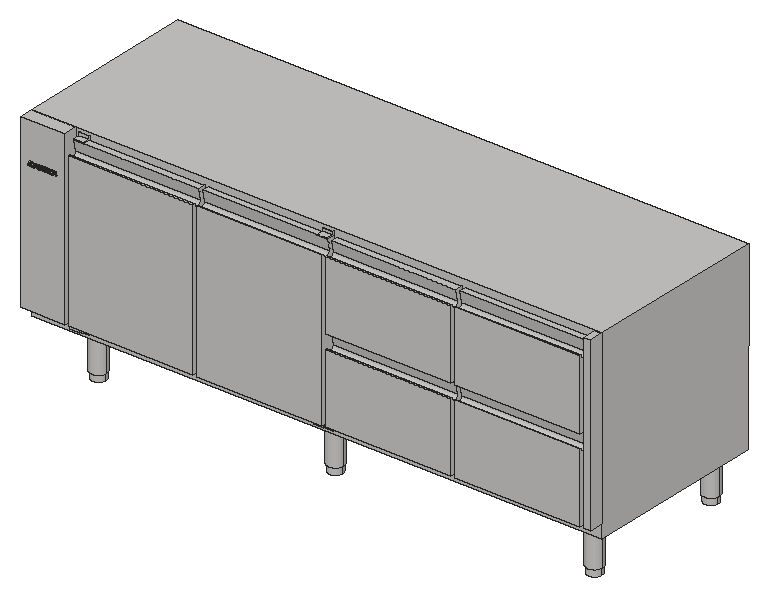
Revit family "QF_ALPENINOX_713294_AC6R4RL", category Attrezzature speciali, Revit 2018
Family settings
  Quota connettore circolare = Usa diametro
  Tipo di parte = Normale
  Basato su piano di lavoro = No
  Sempre verticale = Sì
  Taglio con vuoti quando caricato = No
  Condiviso = No
  Punto di calcolo locali = No
Parameters (values of type "Standard")
  Weight = 120.00 kg
  Watts = 30 W
  Volts = 220 V
  URL Manufacturer = "http://www.alpeninox.com"
  URL = "http://www.alpeninox.com"
  Steam Supply Size = 0 mm
  Steam Supply Minimum Pressure = 0.0 Pa
  Steam Supply Maximum Pressure = 0.0 Pa
  Steam Consumption per Hour = 0
  Refrigeration Suction Line Size = 9.5 mm
  Refrigeration Liquid Line Size = 8 mm
  Refrigerant Compressor Remote = yes
  Produttore = "Alpeninox"
  Phase = 1
  Modello = "AC6R4RL"
  Length Actual = 2012 mm  # constant formula
  Item Number = "713294"
  Hot Water Size = 0 mm
  Height Actual = 800 mm  # constant formula
  HP = "0 HP"
  Gas Size = 0 mm
  Gas KW = 0
  Gas Input Pressure = 0 W
  Direct Waste Size = 0 mm
  Descrizione = "REFR.COUNTER 590L 2xDOOR 4x1/2DRW NOTOP REM CU_LFT A304"
  Depth Actual = 700 mm  # constant formula
  Cycle = 50 Hz
  Condensate Return Size = 0 mm
  Compressed Air Volume = 0.0 L/s
  Compressed Air Size = 0 mm
  Compressed Air Pressure = 0.0 Pa
  Cold Water Size = 0 mm
  Accessory = yes
Types (2, lengths in mm): name | URL | Refrigeration Suction Line Size | Refrigeration Liquid Line Size | Produttore | Phase | Modello | Descrizione
  (no name) | 0 | 0 | 0 | 0 | 0 | 0 | 0
  Standard | "http://www.alpeninox.com" | 9.5 | 8 | "Alpeninox" | 1 | "AC6R4RL" | "REFR.COUNTER 590L 2xDOOR 4x1/2DRW NOTOP REM CU_LFT A304"
Values of the unnamed type that differ from the named types
  Weight = 0.00 kg
  Watts = 0 W
  Volts = 0 V
  URL Manufacturer = ""
  Item Number = ""
  HP = ""
  Cycle = 0 Hz
Reference planes
  plane 1: z = 0
  plane 2 "Center (Left/Right)": x = -124.5
  plane 3 "Center (Front/Back)": y = 64.5
  plane 4 "FEET": z = 150
  plane 5 "TOP": z = 850
  plane 6 "PLAIN": z = 800
  plane 7 "EI_back": y = 349
  plane 8 "EI_left": x = -1064
  plane 9 "BACK": y = 412
  plane 10 "FRONT": y = -283
  plane 11 "DOOR": y = -233
  plane 12 "LEFT": x = -1130
  plane 13 "RIGHT": x = 881
  plane 14: x = -1105
  plane 15: x = 856
  plane 16 "RO_left": x = -1051
  plane 17 "RI_left": x = -1022
  plane 18 "RO_back": y = 54
  plane 19 "RI_back": y = 54
  plane 20 "DRAINleft": x = -1064
  plane 21 "DRAINback": y = 164
Forms (mm)
  Extrusion 1, solid, material "QF_Finishes_Stainless Steel"
    sketch origin (-1022.223, -1524, 150) x (-1, 0, 0) y (0, -1, 0)
      loop
        circle (41.777, -1873) r 5
    from 0 to -40
  Extrusion 2, solid, material "QF_Finishes_Stainless Steel"
    sketch origin (-1022.223, -1524, 150) x (-1, 0, 0) y (0, -1, 0)
      loop
        line (-1878.223, -1291) -> (-1878.223, -1241) -> (-1903.223, -1241) -> (-1903.223, -1291) -> (-1878.223, -1291)
    from 48 to 650
  Extrusion 3, solid, material "QF_Finishes_Stainless Steel"
    sketch origin (-1022.223, -1524, 150) x (-1, 0, 0) y (0, -1, 0)
      loop
        circle (28.777, -1578) r 4.25
    from 0 to -20
  Extrusion 4, solid, material "QF_Finishes_Stainless Steel"
    sketch origin (-1022.223, -1524, 150) x (-1, 0, 0) y (0, -1, 0)
      loop
        circle (-0.223, -1578) r 4
    from 0 to -20
  Extrusion 5, solid, material "QF_Finishes_Stainless Steel"
    sketch origin (-1022.223, -1524, 150) x (-1, 0, 0) y (0, -1, 0)
      loop
        circle (41.777, -1688) r 8.5
    from 0 to -40
  Extrusion 6, solid, material "QF_Finishes_Stainless Steel"
    sketch origin (-1022.223, -1524, 150) x (-1, 0, 0) y (0, -1, 0)
      loop
        line (107.777, -1936) -> (107.777, -1291) -> (-1903.223, -1291) -> (-1903.223, -1936) -> (107.777, -1936)
    from 0 to 650
Lines and regions (mm)
  symbolic lines, style "SpecialityEquipmentHiddenLines"
    curve 1: line (-1130, 412, 150) -> (881, 412, 150)
    curve 2: line (-1130, -283, 150) -> (-1130, 412, 150)
    curve 3: line (881, -283, 150) -> (-1130, -283, 150)
    curve 4: line (881, 412, 150) -> (881, -283, 150)
    curve 5: line (-1130, -233, 150) -> (881, -233, 150)
    curve 6: line (856, -233, 150) -> (856, -283, 150)
Dimensions and locks
  plane 4 "FEET" to level = 150 mm
  plane 11 "DOOR" to plane 10 "FRONT" = 50 mm
  plane 6 "PLAIN" to plane 4 "FEET" = 650 mm
  plane 5 "TOP" to plane 6 "PLAIN" = 50 mm
  plane 12 "LEFT" to plane 14 = 25 mm
  plane 15 to plane 13 "RIGHT" = 25 mm
  plane 9 "BACK" to plane 18 "RO_back" = 358 mm
  plane 9 "BACK" to plane 7 "EI_back" = 63 mm
  plane 9 "BACK" to plane 19 "RI_back" = 358 mm
  plane 9 "BACK" to plane 21 "DRAINback" = 248 mm
  plane 12 "LEFT" to plane 20 "DRAINleft" = 66 mm
  plane 12 "LEFT" to plane 8 "EI_left" = 66 mm
  plane 12 "LEFT" to plane 17 "RI_left" = 108 mm
  plane 12 "LEFT" to plane 16 "RO_left" = 79 mm
  plane 9 "BACK" to plane 10 "FRONT" = 695 mm
  equal spacing: plane 9 "BACK", plane 3 "Center (Front/Back)", plane 10 "FRONT"
  plane 12 "LEFT" to plane 13 "RIGHT" = 2011 mm
  equal spacing: plane 12 "LEFT", plane 2 "Center (Left/Right)", plane 13 "RIGHT"
  aligned and locked: level to plane 1
Automatic sketch dimensions
  Extrusion 1 sketch curve to plane 7 "EI_back" = 0 mm
  Extrusion 1 sketch curve to plane 8 "EI_left" = 0 mm
  Extrusion 2 sketch curve to plane 11 "DOOR" = 0 mm
  Extrusion 2 sketch curve to plane 13 "RIGHT" = 0 mm
  Extrusion 2 sketch curve to plane 10 "FRONT" = 0 mm
  Extrusion 2 sketch curve to plane 15 = 0 mm
  Extrusion 3 sketch curve to plane 16 "RO_left" = 0 mm
  Extrusion 3 sketch curve to plane 18 "RO_back" = 0 mm
  Extrusion 4 sketch curve to plane 17 "RI_left" = 0 mm
  Extrusion 4 sketch curve to plane 19 "RI_back" = 0 mm
  Extrusion 5 sketch curve to plane 20 "DRAINleft" = 0 mm
  Extrusion 5 sketch curve to plane 21 "DRAINback" = 0 mm
  Extrusion 6 sketch curve to plane 9 "BACK" = 0 mm
  Extrusion 6 sketch curve to plane 13 "RIGHT" = 0 mm
  Extrusion 6 sketch curve to plane 11 "DOOR" = 0 mm
  Extrusion 6 sketch curve to plane 12 "LEFT" = 0 mm
  curve 1 to plane 13 "RIGHT" = 0 mm
  curve 6 to plane 15 = 0 mm
  curve 5 to plane 11 "DOOR" = 0 mm
  curve 5 to plane 12 "LEFT" = 0 mm
  curve 6 to plane 10 "FRONT" = 0 mm
  curve 1 to plane 9 "BACK" = 0 mm
  radius of Extrusion 1 sketch curve = 5 mm
  radius of Extrusion 3 sketch curve = 4.25 mm
  radius of Extrusion 4 sketch curve = 4 mm
  radius of Extrusion 5 sketch curve = 8.5 mm
Nested families
  nested 1: "HP_Refrigerator" at (881, -283, 0), type "HP_Refrigerator"
  nested 2: "HP_FEET" at (-934, 331, 0), type "HP_FEET"
  nested 3: "HP_FEET" at (815, 331, 0), type "HP_FEET"
  nested 4: "HP_FEET" at (-934, -183, 0), type "HP_FEET"
  nested 5: "HP_FEET" at (815, -183, 0), type "HP_FEET"
  nested 6: "HP_FEET" at (-99, -183, 0), type "HP_FEET"
  nested 7: "HP_APX_REM_TN_L" at (-973.08, -233, 548) x (1, 0, 0) z (0, -1, 0), type "HP_APX_REM_TN_L"
    with Show Logo yes
  nested 8: "HP_APX_SD_L" at (-740, -233, 458.88) x (1, 0, 0) z (0, -1, 0), type "HP_APX_SD_L"
    with Show Clearance yes
  nested 9: "HP_APX_SD_R" at (-286, -233, 458.88) x (1, 0, 0) z (0, -1, 0), type "HP_APX_SD_R"
    with Show Clearance yes
  nested 10: "HP_APX_HALF" at (168, -233, 458.08) x (1, 0, 0) z (0, -1, 0), type "HP_APX_HALF"
    with Show Clearance yes
  nested 11: "HP_APX_HALF" at (622, -233, 458.08) x (1, 0, 0) z (0, -1, 0), type "HP_APX_HALF"
    with Show Clearance yes
Connectors
  electrical at (-1064, 349, 110), driven by "Volts"
    settings: on Extrusion 1, index 1, voltage 220 V, apparent load 0 VA, apparent load phase1 0 VA, apparent load phase2 0 VA, apparent load phase3 0 VA, power factor 1, load classification "Other", number of poles 1, system type 31, power factor state 1, is connector primary yes, connector utility no, sub classification motor no, connector description "Electrical Connection"
  piping at (-1051, 54, 130), diameter 9.5, driven by "Refrigeration Suction Line Size"
    settings: on Extrusion 3, index 3, connector inside diameter 609.6 mm, connector length 0 mm, flow factor 0, pipe flow 0.0 L/s, pressure drop 0.0 Pa, fitting loss kfactor 0, connector angle 0.00°, fixture units 0, engagement length 0 mm, angle of deflection 0.00°, flow configuration 1, flow direction 2, fitting loss method 0, system type 8, joint type 0, gender type 0, connector reference index -1, connector utility 0, adjustable connector no, is connector primary yes, connector description "Refrigerant Outlet"
  piping at (-1022, 54, 130), diameter 8, driven by "Refrigeration Liquid Line Size"
    settings: on Extrusion 4, index 4, connector inside diameter 609.6 mm, connector length 0 mm, flow factor 0, pipe flow 0.0 L/s, pressure drop 0.0 Pa, fitting loss kfactor 0, connector angle 0.00°, fixture units 0, engagement length 0 mm, angle of deflection 0.00°, flow configuration 1, flow direction 1, fitting loss method 0, system type 7, joint type 0, gender type 0, connector reference index -1, connector utility 0, adjustable connector no, is connector primary no, connector description "Refrigerant Inlet"
  piping at (-1064, 164, 110), diameter 17
    settings: on Extrusion 5, index 5, connector inside diameter 609.6 mm, connector length 0 mm, flow factor 0, pipe flow 0.0 L/s, pressure drop 0.0 Pa, fitting loss kfactor 0, connector angle 0.00°, fixture units 0, engagement length 0 mm, angle of deflection 0.00°, flow configuration 1, flow direction 2, fitting loss method 0, system type 16, joint type 0, gender type 0, connector reference index -1, connector utility 0, adjustable connector no, is connector primary no, connector description "Drain"
Definition of nested family "HP_FEET"
  Parameters
    FEET = 150 mm
  Reference planes
    plane 1 "Center (Front/Back)": y = 0
    plane 2: z = 0
    plane 3 "Center (Left/Right)": x = 0
    plane 4: z = 150
  Forms (mm)
    Revolve 1, solid
      sketch origin (255.05, 0, 608.09) x (0, 0, 1) y (-1, 0, 0)
        loop
          line (-608.09, 255.05) -> (-608.09, 230.05) -> (-583.09, 230.05) -> (-583.09, 226.05) -> (-458.09, 226.05) -> (-458.09, 255.05) -> (-608.09, 255.05)
        axis (-608.09, 255.05) -> (-458.09, 255.05)
      angle from 0 to 360
  Dimensions and locks
    locked: Revolve 1 sketch curve to Revolve 1 sketch curve at 125
    "FEET": plane 4 to plane 2
    aligned and locked: level to plane 2
    aligned and locked: plane 4 to Revolve 1 sketch curve
    aligned and locked: Revolve 1 sketch curve to level
    aligned and locked: plane 3 "Center (Left/Right)" to Revolve 1 sketch curve
  Automatic sketch dimensions
    Revolve 1 sketch curve to plane 3 "Center (Left/Right)" = 0 mm
    Revolve 1 sketch curve to Revolve 1 sketch curve = 25 mm
    Revolve 1 sketch curve to Revolve 1 sketch curve = 29 mm
    plane 4 to Revolve 1 sketch curve = 50 mm
    Revolve 1 sketch curve to Revolve 1 sketch curve = 20 mm
Definition of nested family "HP_APX_REM_TN_L"
  Parameters
    Show Logo [instance] = yes
    Default Elevation = 1219.2 mm
  Reference planes
    plane 1 "Centro (Fronte/Retro)": y = -49
    plane 2: z = 0
    plane 3 "Centro (Sinistra/Destra)": x = -78.92
  Forms (mm)
    Extrusion 1, solid
      sketch origin (0, 0, 0) x (1, 0, 0) y (0, 1, 0)
        loop
          line (-1219.2, 1219.2) -> (-1219.2, -1219.2) -> (1219.2, -1219.2) -> (1219.2, 1219.2) -> (-1219.2, 1219.2)
      from 0 to -304.8
    Extrusion 2, solid
      sketch origin (0, 0, 0) x (1, 0, 0) y (0, 1, 0)
        loop
          line (-156.92, 252) -> (-156.92, -350) -> (-0.92, -350) -> (-0.92, 252) -> (-156.92, 252)
      from 0 to 50
    Extrusion 3, solid
      sketch origin (43.141, -49.023, 0) x (1, 0, 0) y (0, 1, 0)
        loop
          line (-168.675, 170.349) -> (-172.411, 160.318)
          arc (-172.411, 160.318) -> (-171.624, 158.497) -> (-169.837, 159.36) r 1.374
          line (-169.837, 159.36) -> (-169.268, 161.111) -> (-164.1, 161.111) -> (-163.54, 159.379)
          arc (-163.54, 159.379) -> (-161.802, 158.542) -> (-161.049, 160.318) r 1.333
          line (-161.049, 160.318) -> (-164.694, 170.349)
          arc (-164.694, 170.349) -> (-166.685, 171.876) -> (-168.675, 170.349) r 2.06
        loop
          line (-166.681, 169.055) -> (-168.469, 163.655) -> (-164.935, 163.655) -> (-166.681, 169.055)
        loop
          arc (-159.705, 160.042) -> (-159.262, 158.973) -> (-158.194, 158.531) r 1.512
          line (-158.194, 158.531) -> (-153.608, 158.531)
          arc (-153.608, 158.531) -> (-152.337, 159.802) -> (-153.608, 161.074) r 1.272
          line (-153.608, 161.074) -> (-156.917, 161.074) -> (-156.917, 170.328)
          arc (-156.917, 170.328) -> (-158.311, 171.722) -> (-159.705, 170.328) r 1.394
          line (-159.705, 170.328) -> (-159.705, 160.042)
        loop
          line (-151.076, 170.218) -> (-151.076, 159.859)
          arc (-151.076, 159.859) -> (-149.683, 158.466) -> (-148.29, 159.859) r 1.393
          line (-148.29, 159.859) -> (-148.29, 162.882) -> (-146.225, 162.882)
          arc (-146.225, 162.882) -> (-142.999, 163.859) -> (-141.608, 166.928) r 4.082
          arc (-141.608, 166.928) -> (-142.993, 170.272) -> (-146.336, 171.657) r 4.728
          line (-146.336, 171.657) -> (-149.638, 171.657)
          arc (-149.638, 171.657) -> (-150.655, 171.235) -> (-151.076, 170.218) r 1.439
        loop
          line (-148.29, 165.313) -> (-146.388, 165.313)
          arc (-146.388, 165.313) -> (-144.433, 167.268) -> (-146.388, 169.222) r 1.955
          line (-146.388, 169.222) -> (-148.29, 169.222) -> (-148.29, 165.313)
        loop
          arc (-131.184, 166.332) -> (-132.004, 168.2) -> (-133.767, 169.228) r 3.3
          arc (-133.767, 169.228) -> (-136.353, 168.661) -> (-137.611, 166.332) r 3.176
          line (-137.611, 166.332) -> (-131.184, 166.332)
        loop
          line (-137.538, 163.743) -> (-130.544, 163.743)
          arc (-130.544, 163.743) -> (-129.292, 163.916) -> (-128.301, 164.701) r 2.4
          arc (-128.301, 164.701) -> (-128.155, 165.545) -> (-128.212, 166.399) r 3.635
          arc (-128.212, 166.399) -> (-130.364, 170.162) -> (-134.39, 171.769) r 6.579
          arc (-134.39, 171.769) -> (-138.918, 169.706) -> (-140.661, 165.044) r 6.501
          arc (-140.661, 165.044) -> (-139.276, 160.789) -> (-135.401, 158.549) r 6.252
          arc (-135.401, 158.549) -> (-132.922, 158.526) -> (-130.544, 159.232) r 8.361
          arc (-130.544, 159.232) -> (-129.466, 159.781) -> (-128.641, 160.666) r 3.486
          arc (-128.641, 160.666) -> (-128.419, 161.592) -> (-128.828, 162.451) r 1.425
          arc (-128.828, 162.451) -> (-129.368, 162.762) -> (-129.99, 162.762) r 1.203
          arc (-129.99, 162.762) -> (-130.406, 162.59) -> (-130.764, 162.316) r 1.724
          arc (-130.764, 162.316) -> (-131.666, 161.705) -> (-132.646, 161.229) r 7.6
          arc (-132.646, 161.229) -> (-135.676, 161.35) -> (-137.538, 163.743) r 3.6
        loop
          line (-126.669, 170.328) -> (-126.669, 159.859)
          arc (-126.669, 159.859) -> (-125.273, 158.463) -> (-123.878, 159.859) r 1.396
          line (-123.878, 159.859) -> (-123.878, 166.785) -> (-117.946, 159.029)
          arc (-117.946, 159.029) -> (-116.361, 158.51) -> (-115.379, 159.859) r 1.417
          line (-115.379, 159.859) -> (-115.379, 170.328)
          arc (-115.379, 170.328) -> (-116.774, 171.723) -> (-118.169, 170.328) r 1.395
          line (-118.169, 170.328) -> (-118.169, 163.311) -> (-124.101, 171.157)
          arc (-124.101, 171.157) -> (-125.687, 171.678) -> (-126.669, 170.328) r 1.418
        loop
          arc (-113.636, 159.859) -> (-112.241, 158.464) -> (-110.847, 159.859) r 1.394
          line (-110.847, 159.859) -> (-110.847, 170.328)
          arc (-110.847, 170.328) -> (-112.241, 171.723) -> (-113.636, 170.328) r 1.394
          line (-113.636, 170.328) -> (-113.636, 159.859)
        loop
          line (-109.102, 170.328) -> (-109.102, 159.859)
          arc (-109.102, 159.859) -> (-107.706, 158.463) -> (-106.31, 159.859) r 1.396
          line (-106.31, 159.859) -> (-106.31, 166.785) -> (-100.378, 159.029)
          arc (-100.378, 159.029) -> (-98.793, 158.51) -> (-97.812, 159.859) r 1.417
          line (-97.812, 159.859) -> (-97.812, 170.328)
          arc (-97.812, 170.328) -> (-99.207, 171.723) -> (-100.602, 170.328) r 1.395
          line (-100.602, 170.328) -> (-100.602, 163.311) -> (-106.533, 171.157)
          arc (-106.533, 171.157) -> (-108.119, 171.678) -> (-109.102, 170.328) r 1.418
        loop
          arc (-96.345, 165.093) -> (-95.619, 161.877) -> (-93.467, 159.379) r 6.806
          arc (-93.467, 159.379) -> (-91.792, 158.566) -> (-89.948, 158.31) r 5.956
          arc (-89.948, 158.31) -> (-88.104, 158.566) -> (-86.43, 159.379) r 5.956
          arc (-86.43, 159.379) -> (-84.277, 161.877) -> (-83.551, 165.093) r 6.806
          arc (-83.551, 165.093) -> (-84.277, 168.31) -> (-86.43, 170.808) r 6.806
          arc (-86.43, 170.808) -> (-88.104, 171.621) -> (-89.948, 171.877) r 5.956
          arc (-89.948, 171.877) -> (-91.792, 171.621) -> (-93.467, 170.808) r 5.956
          arc (-93.467, 170.808) -> (-95.619, 168.31) -> (-96.345, 165.093) r 6.806
        loop
          arc (-93.425, 165.093) -> (-93.138, 163.212) -> (-92.081, 161.629) r 4.387
          arc (-92.081, 161.629) -> (-91.087, 161.049) -> (-89.948, 160.881) r 3.035
          arc (-89.948, 160.881) -> (-88.809, 161.049) -> (-87.815, 161.629) r 3.035
          arc (-87.815, 161.629) -> (-86.759, 163.212) -> (-86.472, 165.093) r 4.387
          arc (-86.472, 165.093) -> (-86.759, 166.975) -> (-87.815, 168.558) r 4.387
          arc (-87.815, 168.558) -> (-88.809, 169.138) -> (-89.948, 169.306) r 3.035
          arc (-89.948, 169.306) -> (-91.087, 169.138) -> (-92.081, 168.558) r 3.035
          arc (-92.081, 168.558) -> (-93.138, 166.975) -> (-93.425, 165.093) r 4.387
        loop
          line (-82.843, 169.609) -> (-79.829, 165.552) -> (-83.513, 160.652)
          arc (-83.513, 160.652) -> (-83.216, 158.692) -> (-81.262, 159.029) r 1.388
          line (-81.262, 159.029) -> (-78.213, 163.232) -> (-75.164, 159.029)
          arc (-75.164, 159.029) -> (-73.211, 158.692) -> (-72.913, 160.652) r 1.388
          line (-72.913, 160.652) -> (-76.597, 165.552) -> (-73.584, 169.609)
          arc (-73.584, 169.609) -> (-73.952, 171.597) -> (-75.908, 171.084) r 1.38
          line (-75.908, 171.084) -> (-78.213, 167.841) -> (-80.519, 171.084)
          arc (-80.519, 171.084) -> (-82.474, 171.597) -> (-82.843, 169.609) r 1.38
      from 50 to 51.6
  Lines and regions (mm)
    Split face 1
      outline origin (0, 0, 50) x (1, 0, 0) y (0, 1, 0)
        loop
          line (-0.92, 188) -> (-156.92, 188)
    Split face 2
      outline origin (0, 0, 50) x (1, 0, 0) y (0, 1, 0)
        loop
          line (-156.92, 178) -> (-0.92, 178)
    Split face 3
      outline origin (0, 0, 50) x (1, 0, 0) y (0, 1, 0)
        loop
          line (-0.92, 104) -> (-156.92, 104)
    Split face 4
      outline origin (0, 0, 50) x (1, 0, 0) y (0, 1, 0)
        loop
          line (-0.92, 94) -> (-156.92, 94)
    Split face 5
      outline origin (0, 0, 50) x (1, 0, 0) y (0, 1, 0)
        loop
          line (-108.92, 163.931) -> (-108.92, 134.412) -> (-48.92, 134.412) -> (-48.92, 163.931) -> (-108.92, 163.931)
    Split face 6
      outline origin (0, 0, 50) x (1, 0, 0) y (0, 1, 0)
        loop
          line (-68.92, 160.931) -> (-68.92, 137.412) -> (-51.92, 137.412) -> (-51.92, 160.931) -> (-68.92, 160.931)
    symbolic lines
      curve 1: line (-2, -49, 50) -> (-2, -49, 0)
  Dimensions and locks
    equal spacing: Extrusion 2, plane 3 "Centro (Sinistra/Destra)", Extrusion 2
    equal spacing: Extrusion 2, plane 1 "Centro (Fronte/Retro)", Extrusion 2
    Extrusion 2 to Extrusion 2 = 156 mm
    aligned and locked: plane 2 to Extrusion 1
    aligned and locked: level to Extrusion 1
  Automatic sketch dimensions
    curve 1 to level = 0 mm
    plane 3 "Centro (Sinistra/Destra)" to curve 1 = 76.92 mm
    curve 1 to curve 1 = 50 mm
    Extrusion 1 sketch curve to Extrusion 1 sketch curve = 2438.4 mm  (x2)
    Extrusion 2 sketch curve to plane 3 "Centro (Sinistra/Destra)" = 78 mm
    plane 3 "Centro (Sinistra/Destra)" to Extrusion 2 sketch curve = 78 mm
    plane 1 "Centro (Fronte/Retro)" to Extrusion 2 sketch curve = 301 mm
    Extrusion 2 sketch curve to plane 1 "Centro (Fronte/Retro)" = 301 mm
    Extrusion 3 sketch curve to plane 3 "Centro (Sinistra/Destra)" = 50.35 mm
    Extrusion 3 sketch curve to Extrusion 3 sketch curve = 1.266 mm
    Extrusion 3 sketch curve to Extrusion 3 sketch curve = 1.307 mm
    Extrusion 3 sketch curve to Extrusion 3 sketch curve = 0.57 mm
    Extrusion 3 sketch curve to Extrusion 3 sketch curve = 0.593 mm
    Extrusion 3 sketch curve to Extrusion 3 sketch curve = 0.799 mm
    Extrusion 3 sketch curve to Extrusion 3 sketch curve = 1.99 mm  (x2)
    Extrusion 3 sketch curve to Extrusion 3 sketch curve = 0.003 mm
    Extrusion 3 sketch curve to Extrusion 3 sketch curve = 3.534 mm
    Extrusion 3 sketch curve to Extrusion 3 sketch curve = 0.835 mm
    Extrusion 3 sketch curve to Extrusion 3 sketch curve = 0.56 mm
    Extrusion 3 sketch curve to Extrusion 3 sketch curve = 1.268 mm
    Extrusion 3 sketch curve to Extrusion 3 sketch curve = 1.223 mm
    Extrusion 3 sketch curve to Extrusion 3 sketch curve = 1.344 mm
    Extrusion 3 sketch curve to Extrusion 3 sketch curve = 1.394 mm  (x2)
    Extrusion 3 sketch curve to Extrusion 3 sketch curve = 1.512 mm
    Extrusion 3 sketch curve to Extrusion 3 sketch curve = 3.309 mm
    Extrusion 3 sketch curve to Extrusion 3 sketch curve = 5.841 mm
    Extrusion 3 sketch curve to Extrusion 3 sketch curve = 1.393 mm
    Extrusion 3 sketch curve to Extrusion 3 sketch curve = 1.439 mm
    Extrusion 3 sketch curve to Extrusion 3 sketch curve = 0 mm  (x19)
    Extrusion 3 sketch curve to Extrusion 3 sketch curve = 1.902 mm
    Extrusion 3 sketch curve to Extrusion 3 sketch curve = 0.052 mm
    Extrusion 3 sketch curve to Extrusion 3 sketch curve = 2.065 mm
    Extrusion 3 sketch curve to Extrusion 3 sketch curve = 0.647 mm
    Extrusion 3 sketch curve to Extrusion 3 sketch curve = 8.079 mm
    Extrusion 3 sketch curve to Extrusion 3 sketch curve = 0.073 mm
    Extrusion 3 sketch curve to Extrusion 3 sketch curve = 2.145 mm
    Extrusion 3 sketch curve to Extrusion 3 sketch curve = 2.931 mm
    Extrusion 3 sketch curve to Extrusion 3 sketch curve = 0.213 mm
    Extrusion 3 sketch curve to Extrusion 3 sketch curve = 0.026 mm
    Extrusion 3 sketch curve to Extrusion 3 sketch curve = 0.263 mm
    Extrusion 3 sketch curve to Extrusion 3 sketch curve = 0.516 mm
    Extrusion 3 sketch curve to Extrusion 3 sketch curve = 0.356 mm
    Extrusion 3 sketch curve to Extrusion 3 sketch curve = 0.387 mm
    Extrusion 3 sketch curve to Extrusion 3 sketch curve = 2.378 mm
    Extrusion 3 sketch curve to Extrusion 3 sketch curve = 2.466 mm
    Extrusion 3 sketch curve to Extrusion 3 sketch curve = 0.602 mm
    Extrusion 3 sketch curve to Extrusion 3 sketch curve = 1.02 mm
    Extrusion 3 sketch curve to Extrusion 3 sketch curve = 0.949 mm
    Extrusion 3 sketch curve to Extrusion 3 sketch curve = 1.728 mm
    Extrusion 3 sketch curve to Extrusion 3 sketch curve = 0.157 mm  (x2)
    Extrusion 3 sketch curve to Extrusion 3 sketch curve = 0.292 mm
    Extrusion 3 sketch curve to plane 3 "Centro (Sinistra/Destra)" = 4.608 mm
    Extrusion 3 sketch curve to Extrusion 3 sketch curve = 1.396 mm  (x2)
    Extrusion 3 sketch curve to Extrusion 3 sketch curve = 1.418 mm  (x2)
    Extrusion 3 sketch curve to Extrusion 3 sketch curve = 1.151 mm  (x2)
    plane 3 "Centro (Sinistra/Destra)" to Extrusion 3 sketch curve = 3.891 mm
    plane 3 "Centro (Sinistra/Destra)" to Extrusion 3 sketch curve = 4.115 mm
    Extrusion 3 sketch curve to Extrusion 3 sketch curve = 1.149 mm  (x2)
    Extrusion 3 sketch curve to Extrusion 3 sketch curve = 1.395 mm  (x2)
    Extrusion 3 sketch curve to Extrusion 3 sketch curve = 1.744 mm
    Extrusion 3 sketch curve to Extrusion 3 sketch curve = 1.745 mm
    Extrusion 3 sketch curve to Extrusion 3 sketch curve = 5.709 mm
    Extrusion 3 sketch curve to Extrusion 3 sketch curve = 0.224 mm
    Extrusion 3 sketch curve to Extrusion 3 sketch curve = 6.963 mm
    Extrusion 3 sketch curve to Extrusion 3 sketch curve = 0.493 mm  (x3)
    Extrusion 3 sketch curve to Extrusion 3 sketch curve = 0.273 mm  (x2)
    Extrusion 3 sketch curve to Extrusion 3 sketch curve = 0.021 mm  (x2)
    Extrusion 3 sketch curve to Extrusion 3 sketch curve = 0.226 mm  (x2)
    Extrusion 3 sketch curve to Extrusion 3 sketch curve = 0.268 mm  (x2)
    Extrusion 3 sketch curve to Extrusion 3 sketch curve = 0.294 mm
    Extrusion 3 sketch curve to Extrusion 3 sketch curve = 5.534 mm
    Extrusion 3 sketch curve to Extrusion 3 sketch curve = 6.205 mm
    Extrusion 3 sketch curve to Extrusion 3 sketch curve = 1.109 mm  (x2)
    Extrusion 3 sketch curve to Extrusion 3 sketch curve = 1.108 mm  (x2)
    Extrusion 3 sketch curve to Extrusion 3 sketch curve = 1.142 mm  (x2)
    Extrusion 3 sketch curve to Extrusion 3 sketch curve = 1.216 mm  (x2)
    Extrusion 3 sketch curve to Extrusion 3 sketch curve = 3.013 mm
    Extrusion 3 sketch curve to Extrusion 3 sketch curve = 1.616 mm  (x3)
    Extrusion 3 sketch curve to Extrusion 3 sketch curve = 2.305 mm
    Extrusion 3 sketch curve to Extrusion 3 sketch curve = 3.049 mm
    Extrusion 3 sketch curve to plane 1 "Centro (Fronte/Retro)" = 158.508 mm
    Extrusion 3 sketch curve to Extrusion 3 sketch curve = 0.498 mm
    Extrusion 3 sketch curve to Extrusion 3 sketch curve = 0.682 mm
    Extrusion 3 sketch curve to Extrusion 3 sketch curve = 0.664 mm
    Extrusion 3 sketch curve to Extrusion 3 sketch curve = 0.425 mm
    Extrusion 3 sketch curve to Extrusion 3 sketch curve = 0.41 mm
    Extrusion 3 sketch curve to Extrusion 3 sketch curve = 1.272 mm
    Extrusion 3 sketch curve to Extrusion 3 sketch curve = 0.789 mm  (x2)
    Extrusion 3 sketch curve to Extrusion 3 sketch curve = 0.056 mm
    Extrusion 3 sketch curve to Extrusion 3 sketch curve = 0.83 mm
    Extrusion 3 sketch curve to Extrusion 3 sketch curve = 1.238 mm
    Extrusion 3 sketch curve to Extrusion 3 sketch curve = 1.732 mm
    Extrusion 3 sketch curve to Extrusion 3 sketch curve = 0.346 mm
    Extrusion 3 sketch curve to Extrusion 3 sketch curve = 1.123 mm
    Extrusion 3 sketch curve to Extrusion 3 sketch curve = 3.023 mm
    Extrusion 3 sketch curve to Extrusion 3 sketch curve = 4.203 mm
    Extrusion 3 sketch curve to Extrusion 3 sketch curve = 3.452 mm  (x2)
    Extrusion 3 sketch curve to Extrusion 3 sketch curve = 2.544 mm
    Extrusion 3 sketch curve to Extrusion 3 sketch curve = 1.177 mm
    Extrusion 3 sketch curve to Extrusion 3 sketch curve = 3.261 mm
    Extrusion 3 sketch curve to Extrusion 3 sketch curve = 0.352 mm  (x2)
    Extrusion 3 sketch curve to Extrusion 3 sketch curve = 1.987 mm
    Extrusion 3 sketch curve to Extrusion 3 sketch curve = 0.171 mm
    Extrusion 3 sketch curve to Extrusion 3 sketch curve = 0.533 mm  (x3)
    Extrusion 3 sketch curve to Extrusion 3 sketch curve = 0.14 mm  (x4)
    Extrusion 3 sketch curve to Extrusion 3 sketch curve = 0.473 mm
    Extrusion 3 sketch curve to Extrusion 3 sketch curve = 0.31 mm  (x2)
    Extrusion 3 sketch curve to Extrusion 3 sketch curve = 0.075 mm
    Extrusion 3 sketch curve to Extrusion 3 sketch curve = 2.431 mm
    Extrusion 3 sketch curve to Extrusion 3 sketch curve = 2.32 mm  (x2)
    Extrusion 3 sketch curve to Extrusion 3 sketch curve = 1.992 mm
    Extrusion 3 sketch curve to Extrusion 3 sketch curve = 0.674 mm
    Extrusion 3 sketch curve to Extrusion 3 sketch curve = 0.732 mm
    Extrusion 3 sketch curve to Extrusion 3 sketch curve = 0.388 mm
    Extrusion 3 sketch curve to Extrusion 3 sketch curve = 0.121 mm
    Extrusion 3 sketch curve to Extrusion 3 sketch curve = 2.589 mm
    Extrusion 3 sketch curve to Extrusion 3 sketch curve = 0.662 mm
    Extrusion 3 sketch curve to Extrusion 3 sketch curve = 3.473 mm
    Extrusion 3 sketch curve to Extrusion 3 sketch curve = 0.681 mm
    Extrusion 3 sketch curve to Extrusion 3 sketch curve = 1.615 mm
    Extrusion 3 sketch curve to Extrusion 3 sketch curve = 0.34 mm
    Extrusion 3 sketch curve to Extrusion 3 sketch curve = 2.288 mm
    Extrusion 3 sketch curve to Extrusion 3 sketch curve = 0.942 mm
    Extrusion 3 sketch curve to Extrusion 3 sketch curve = 5.4 mm
    Extrusion 3 sketch curve to Extrusion 3 sketch curve = 1.768 mm  (x2)
    Extrusion 3 sketch curve to Extrusion 3 sketch curve = 0.761 mm
    Extrusion 3 sketch curve to Extrusion 3 sketch curve = 0.996 mm
    Extrusion 3 sketch curve to Extrusion 3 sketch curve = 3.543 mm  (x2)
    Extrusion 3 sketch curve to Extrusion 3 sketch curve = 7.017 mm
    Extrusion 3 sketch curve to Extrusion 3 sketch curve = 0.11 mm
    Extrusion 3 sketch curve to Extrusion 3 sketch curve = 0.823 mm  (x2)
    Extrusion 3 sketch curve to Extrusion 3 sketch curve = 0.947 mm
    Extrusion 3 sketch curve to Extrusion 3 sketch curve = 3.837 mm
    Extrusion 3 sketch curve to Extrusion 3 sketch curve = 0.623 mm
    Extrusion 3 sketch curve to Extrusion 3 sketch curve = 1.082 mm
    Extrusion 3 sketch curve to Extrusion 3 sketch curve = 0.801 mm
    Extrusion 3 sketch curve to Extrusion 3 sketch curve = 1 mm
    Extrusion 3 sketch curve to Extrusion 3 sketch curve = 0.089 mm
    Extrusion 3 sketch curve to Extrusion 3 sketch curve = 4.257 mm
    Extrusion 3 sketch curve to Extrusion 3 sketch curve = 4.345 mm  (x2)
    Extrusion 3 sketch curve to Extrusion 3 sketch curve = 2.576 mm
    Extrusion 3 sketch curve to Extrusion 3 sketch curve = 1.385 mm  (x4)
    Extrusion 3 sketch curve to Extrusion 3 sketch curve = 2.133 mm  (x4)
    Extrusion 3 sketch curve to Extrusion 3 sketch curve = 3.518 mm
    Extrusion 3 sketch curve to Extrusion 3 sketch curve = 5.603 mm
    Extrusion 3 sketch curve to Extrusion 3 sketch curve = 2.571 mm
    Split face 1 sketch curve to Extrusion 2 = 0 mm  (x2)
    Split face 1 sketch curve to Extrusion 2 = 64 mm
    Split face 2 sketch curve to Extrusion 2 = 0 mm
    Split face 2 sketch curve to Extrusion 2 = 74 mm
    Extrusion 2 to Split face 2 sketch curve = 0 mm
    Split face 3 sketch curve to Extrusion 2 = 0 mm  (x2)
    Split face 3 sketch curve to Extrusion 2 = 148 mm
    Split face 4 sketch curve to Extrusion 2 = 0 mm  (x2)
    Split face 4 sketch curve to Extrusion 2 = 158 mm
    Split face 5 sketch curve to Extrusion 2 = 48 mm  (x2)
    Split face 5 sketch curve to Extrusion 2 = 117.588 mm
    Split face 5 sketch curve to Split face 5 sketch curve = 29.518 mm
    Split face 6 sketch curve to Extrusion 2 = 68 mm
    Split face 6 sketch curve to Split face 6 sketch curve = 17 mm
    Split face 6 sketch curve to Extrusion 2 = 114.588 mm
    Split face 6 sketch curve to Split face 6 sketch curve = 23.518 mm
Definition of nested family "HP_APX_SD_L"
  Parameters
    Show Clearance [instance] = yes
    Default Elevation = 1219.2 mm
  Reference planes
    plane 1 "Center (Front/Back)": y = 28.12
    plane 2: z = 0
    plane 3 "Center (Left/Right)": x = 0
    plane 4: x = -234
    plane 5: x = 234
  Forms (mm)
    Extrusion 1, solid
      sketch origin (0, 0, 0) x (1, 0, 0) y (0, 1, 0)
        loop
          line (-1219.2, 1219.2) -> (-1219.2, -1219.2) -> (1219.2, -1219.2) -> (1219.2, 1219.2) -> (-1219.2, 1219.2)
      from 0 to -304.8
    Extrusion 2, solid
      sketch origin (0, 53.12, -3) x (0, 1, 0) y (0, 0, 1)
        loop
          line (-314, 53) -> (-314, 3) -> (264, 3) -> (264, 29) -> (224.395, 20)
          arc (224.395, 20) -> (210.396, 33.803) -> (224, 47.994) r 14
          line (224, 47.994) -> (224, 53) -> (-314, 53)
      from -220 to 220
    Extrusion 3, solid
      sketch origin (0, 53.12, 0) x (0, 1, 0) y (0, 0, -1)
        loop
          line (-323.003, -40.312) -> (-323.003, -12.259) -> (-323.003, 0) -> (-351.511, 0) -> (-351.511, -2.5) -> (-325.503, -2.5) -> (-325.503, -42.812) -> (-316.501, -42.812) -> (-316.501, -40.312) -> (-323.003, -40.312)
        loop
          line (-314, -38.311) -> (-314, -11.804) -> (-319.752, -11.804) -> (-319.752, -14.304) -> (-316.501, -14.304) -> (-316.501, -38.311) -> (-314, -38.311)
        loop
          line (265.003, -27.948) -> (267.503, -27.948) -> (267.503, -2.5) -> (277.503, -2.5) -> (277.503, 0) -> (265.003, 0) -> (265.003, -2.948) -> (265.003, -27.948)
      from 185 to 220
    Extrusion 4, solid, visible <- "Show Clearance", detail levels coarse
      sketch origin (0, 28.12, -3) x (-1, 0, 0) y (0, 0, -1)
        loop
          line (220, -53) -> (-220, -53)
          arc (-220, -53) -> (-79.636, -340.04) -> (220, -451) r 430
          line (220, -451) -> (220, -53)
      from -289 to 289
  Lines and regions (mm)
    symbolic lines
      curve 1: arc (219.599, 0, 55) -> (95.934, 0, 321.503) -> (-170, 0, 446.39) r 430
      curve 2: line (-220, 0, 55) -> (-220, 0, 448)
      curve 3: line (-170, 0, 55) -> (-170, 0, 448)
      curve 4: line (-220, 0, 448) -> (-170, 0, 448)
  Dimensions and locks
    plane 4 to plane 3 "Center (Left/Right)" to plane 5 = 234 mm locked, 234 mm locked
    aligned and locked: plane 2 to Extrusion 1
    aligned and locked: level to Extrusion 1
Definition of nested family "HP_APX_SD_R"
  Parameters
    Show Clearance [instance] = yes
    Default Elevation = 1219.2 mm
  Reference planes
    plane 1 "Center (Front/Back)": y = 28.12
    plane 2: z = 0
    plane 3 "Center (Left/Right)": x = 0
    plane 4: x = -234
    plane 5: x = 234
  Forms (mm)
    Extrusion 1, solid
      sketch origin (0, 0, 0) x (1, 0, 0) y (0, 1, 0)
        loop
          line (-1219.2, 1219.2) -> (-1219.2, -1219.2) -> (1219.2, -1219.2) -> (1219.2, 1219.2) -> (-1219.2, 1219.2)
      from 0 to -304.8
    Extrusion 2, solid
      sketch origin (0, 53.12, -3) x (0, 1, 0) y (0, 0, 1)
        loop
          line (-314, 53) -> (-314, 3) -> (264, 3) -> (264, 29) -> (224.395, 20)
          arc (224.395, 20) -> (210.396, 33.803) -> (224, 47.994) r 14
          line (224, 47.994) -> (224, 53) -> (-314, 53)
      from -220 to 220
    Extrusion 3, solid, visible <- "Show Clearance", detail levels coarse
      sketch origin (0, 28.12, -3) x (-1, 0, 0) y (0, 0, -1)
        loop
          line (220, -53) -> (-220, -53) -> (-220, -451)
          arc (-220, -451) -> (79.636, -340.04) -> (220, -53) r 430
      from -289 to 289
    Extrusion 4, solid
      sketch origin (0, 53.12, 0) x (0, 1, 0) y (0, 0, 1)
        loop
          line (-323.003, 40.312) -> (-316.501, 40.312) -> (-316.501, 42.812) -> (-325.503, 42.812) -> (-325.503, 2.5) -> (-351.511, 2.5) -> (-351.511, 0) -> (-323.003, 0) -> (-323.003, 12.259) -> (-323.003, 40.312)
        loop
          line (-314, 38.311) -> (-316.501, 38.311) -> (-316.501, 14.304) -> (-319.752, 14.304) -> (-319.752, 11.804) -> (-314, 11.804) -> (-314, 38.311)
        loop
          line (265.003, 27.948) -> (265.003, 2.948) -> (265.003, 0) -> (277.503, 0) -> (277.503, 2.5) -> (267.503, 2.5) -> (267.503, 27.948) -> (265.003, 27.948)
      from 185 to 220
  Lines and regions (mm)
    symbolic lines
      curve 1: arc (-219.599, 0, 54.79) -> (-95.934, 0, 321.293) -> (170, 0, 446.179) r 430
      curve 2: line (220, 0, 54.79) -> (220, 0, 447.79)
      curve 3: line (170, 0, 54.79) -> (170, 0, 447.79)
      curve 4: line (220, 0, 447.79) -> (170, 0, 447.79)
  Dimensions and locks
    plane 4 to plane 3 "Center (Left/Right)" to plane 5 = 234 mm locked, 234 mm locked
    aligned and locked: plane 2 to Extrusion 1
    aligned and locked: level to Extrusion 1
Definition of nested family "HP_APX_HALF"
  Parameters
    Show Clearance [instance] = yes
    Default Elevation = 1219.2 mm
  Reference planes
    plane 1 "Center (Front/Back)": y = 28.92
    plane 2: z = 0
    plane 3 "Center (Left/Right)": x = 0
    plane 4: x = -234
    plane 5: x = 234
    plane 6: z = 618
  Forms (mm)
    Extrusion 1, solid
      sketch origin (0, 0, 0) x (1, 0, 0) y (0, 1, 0)
        loop
          line (-1219.2, 1219.2) -> (-1219.2, -1219.2) -> (1219.2, -1219.2) -> (1219.2, 1219.2) -> (-1219.2, 1219.2)
      from 0 to -304.8
    Extrusion 2, solid
      sketch origin (0, 0, 0) x (0, 1, 0) y (0, 0, 1)
        loop
          line (317.92, 0) -> (317.92, 26) -> (278.314, 17)
          arc (278.314, 17) -> (264.314, 31) -> (278.314, 45) r 14
          line (278.314, 45) -> (278.314, 50) -> (33.92, 50) -> (33.92, 0) -> (317.92, 0)
        loop
          line (23.92, 0) -> (23.92, 26) -> (-15.686, 17)
          arc (-15.686, 17) -> (-29.686, 31) -> (-15.686, 45) r 14
          line (-15.686, 45) -> (-15.686, 50) -> (-260.08, 50) -> (-260.08, 0) -> (23.92, 0)
      from -220 to 220
    Extrusion 3, solid, visible <- "Show Clearance", detail levels coarse
      sketch origin (0, 0, 512) x (0, 1, 0) y (0, 0, 1)
        loop
          line (-260.08, 106) -> (-260.08, -462) -> (23.92, -462) -> (23.92, 82) -> (-15.686, 73)
          arc (-15.686, 73) -> (-29.686, 87) -> (-15.686, 101) r 14
          line (-15.686, 101) -> (-15.686, 106) -> (-260.08, 106)
        loop
          line (317.92, -462) -> (317.92, 82) -> (278.314, 73)
          arc (278.314, 73) -> (264.314, 87) -> (278.314, 101) r 14
          line (278.314, 101) -> (278.314, 106) -> (33.92, 106) -> (33.92, -462) -> (317.92, -462)
      from -220 to 220
  Lines and regions (mm)
    symbolic lines
      curve 1: line (220, 0, 140) -> (-220, 0, 140)
      curve 2: line (220, 0, 175) -> (-220, 0, 175)
      curve 3: line (220, 0, 260) -> (-220, 0, 260)
      curve 4: line (220, 0, 295) -> (-220, 0, 295)
      curve 5: line (191.424, 0, 140) -> (191.424, 0, 55)
      curve 6: line (-190, 0, 140) -> (-190, 0, 55)
      curve 7: line (191.424, 0, 260) -> (191.424, 0, 175)
      curve 8: line (-190, 0, 260) -> (-190, 0, 175)
      curve 9: line (220, 0, 260) -> (220, 0, 295)
      curve 10: line (-220, 0, 260) -> (-220, 0, 295)
      curve 11: line (220, 0, 140) -> (220, 0, 175)
      curve 12: line (-220, 0, 140) -> (-220, 0, 175)
  Dimensions and locks
    plane 4 to plane 3 "Center (Left/Right)" to plane 5 = 234 mm locked, 234 mm locked
    plane 6 to level = 618 mm
    aligned and locked: plane 2 to Extrusion 1
    aligned and locked: level to Extrusion 1
Definition of nested family "HP_Refrigerator"
  Reference planes
    plane 1 "Center (Front/Back)": y = 0
    plane 2: z = 0
    plane 3 "Center (Left/Right)": x = 0
  Lines and regions (mm)
    detail lines, in view "Ref. Level"
      curve 1: spline (-500, 190, 0) -> (-493.185, 166.706, 0) -> (-473.205, 145, 0) -> (-441.421, 126.36, 0) -> (-400, 112.058, 0) -> (-351.764, 103.067, 0) -> (-300, 100, 0) -> (-248.236, 103.067, 0) -> (-200, 112.058, 0) -> (-158.579, 126.36, 0) -> (-126.795, 145, 0) -> (-106.815, 166.706, 0) -> (-100, 190, 0) -> (-106.815, 213.294, 0) -> (-126.795, 235, 0) -> (-158.579, 253.64, 0) -> (-200, 267.942, 0) -> (-248.236, 276.933, 0) -> (-300, 280, 0) -> (-351.764, 276.933, 0) -> (-400, 267.942, 0) -> (-441.421, 253.64, 0) -> (-473.205, 235, 0) -> (-493.185, 213.294, 0) -> (-500, 190, 0)
      curve 2: line (-300, 130, 0) -> (-300, 250, 0)
      curve 3: line (-351.962, 220, 0) -> (-248.038, 160, 0)
      curve 4: line (-351.962, 160, 0) -> (-248.038, 220, 0)
      curve 5: line (-280.884, 246.873, 0) -> (-300, 225, 0)
      curve 6: line (-300, 225, 0) -> (-319.116, 246.873, 0)
      curve 7: line (-330.311, 207.5, 0) -> (-339.696, 234.992, 0)
      curve 8: line (-358.812, 201.882, 0) -> (-330.311, 207.5, 0)
      curve 9: line (-330.311, 172.5, 0) -> (-358.812, 178.118, 0)
      curve 10: line (-339.696, 145.008, 0) -> (-330.311, 172.5, 0)
      curve 11: line (-300, 155, 0) -> (-319.116, 133.127, 0)
      curve 12: line (-280.884, 133.127, 0) -> (-300, 155, 0)
      curve 13: line (-269.689, 172.5, 0) -> (-260.304, 145.008, 0)
      curve 14: line (-241.188, 178.118, 0) -> (-269.689, 172.5, 0)
      curve 15: line (-269.689, 207.5, 0) -> (-241.188, 201.882, 0)
      curve 16: line (-260.304, 234.992, 0) -> (-269.689, 207.5, 0)
